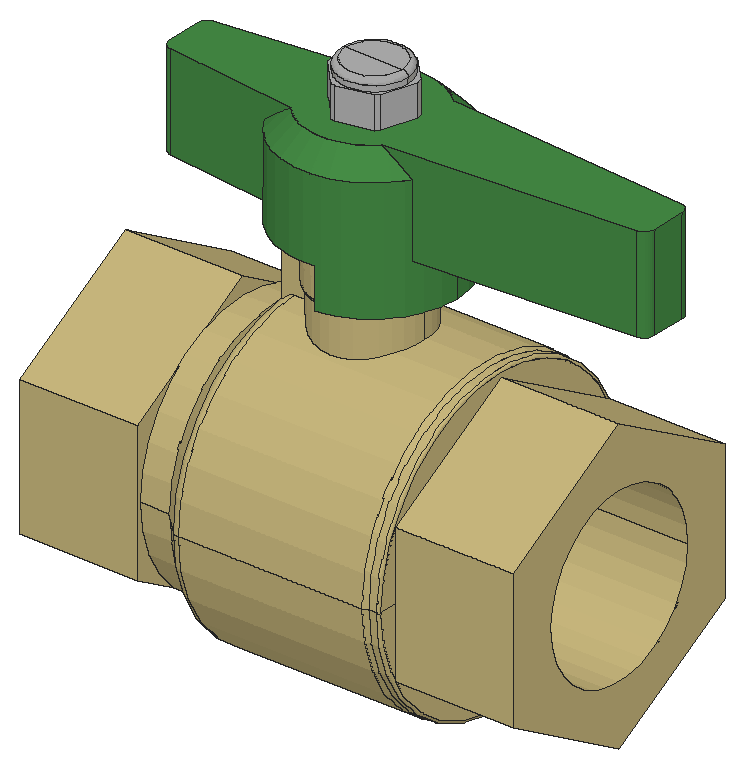
Revit family "QA02510000", category Apparecchi idraulici, Revit 2016
Family settings
  Tipo di parte = Normale
  Quota connettore circolare = Usa diametro
  Numero OmniClass = 23.45.00.00
  Titolo OmniClass = Sanitary, Laundry, and Cleaning Equipment
  Basato su piano di lavoro = No
  Sempre verticale = Sì
  Taglio con vuoti quando caricato = No
  Condiviso = No
  Punto di calcolo locali = No
Parameters
  URL = "https://web.cimberio.it/index.php/figura/1468?subcategoria_id=102"
  Produttore = "CIMBERIO SPA"
  Modello = "Cim 12CRNLOT"
  DN Model [instance] = QA02511032 : QA02511032
  DN [instance] = 32 mm
Reference planes
  plane 1 "Centro (Fronte/Retro)": y = 0
  plane 2: z = 0
  plane 3 "Centro (Sinistra/Destra)": x = 0
Dimensions and locks
  aligned and locked: level to plane 2
Nested families
  nested 1: "QA02511032" at (0, 0, 0), type <- "DN Model", type "QA02511032"
  nested 2: "QA02511032" at (0, 0, 0), type <- "DN Model", type "QA02511032"
  nested 3: "QA02511032" at (0, 0, 0), type <- "DN Model", type "QA02511032"
  nested 4: "QA02511032" at (0, 0, 0), type <- "DN Model", type "QA02511032"
  nested 5: "QA02511032" at (0, 0, 0), type <- "DN Model", type "QA02511032"
  nested 6: "QA02511032" at (0, 0, 0), type <- "DN Model", type "QA02511032"
Connectors
  piping at (45.85, 0, 0), diameter 32, driven by "DN"
    settings: on nested 1, index 1, connector inside diameter 609.6 mm, connector length 0 mm, flow factor 0, pipe flow 0.0 L/s, pressure drop 0.0 Pa, fitting loss kfactor 0, connector angle 0.00°, fixture units 0, engagement length 0 mm, angle of deflection 0.00°, flow configuration 0, flow direction 0, fitting loss method 0, system type 7, joint type 0, gender type 0, connector reference index -1, connector utility 0, adjustable connector no, is connector primary yes, connector description ""
  piping at (-45.85, 0, 0), diameter 32, driven by "DN"
    settings: on nested 1, index 2, connector inside diameter 609.6 mm, connector length 0 mm, flow factor 0, pipe flow 0.0 L/s, pressure drop 0.0 Pa, fitting loss kfactor 0, connector angle 0.00°, fixture units 0, engagement length 0 mm, angle of deflection 0.00°, flow configuration 0, flow direction 0, fitting loss method 0, system type 7, joint type 0, gender type 0, connector reference index -1, connector utility 0, adjustable connector no, is connector primary no, connector description ""
Definition of nested family "QA02511032"
  Reference planes
    plane 1 "Centro (Fronte/Retro)": y = 0
    plane 2: z = 0
    plane 3 "Centro (Sinistra/Destra)": x = 0
    plane 4: x = 120
  Forms (mm)
    Revolve 1, solid
      sketch origin (0, 0, 0) x (0, 1, 0) y (-1, 0, 0)
        loop
          line (12.54, 24) -> (12.54, -23.85) -> (27.75, -23.85)
          arc (27.75, -23.85) -> (28.104, -23.704) -> (28.25, -23.35) r 0.5
          line (28.25, -23.35) -> (28.25, -21.915) -> (28.5, -20.832) -> (28.5, 13.172)
          arc (28.5, 13.172) -> (28.348, 13.937) -> (27.913, 14.587) r 2
          line (27.913, 14.587) -> (23.982, 18.518) -> (23.982, 24) -> (12.54, 24)
        axis (0, 24) -> (0, -23.85)
      angle from 0 to 360
    Extrusion 2, solid
      sketch origin (-16, 0, 0) x (0, 0, 1) y (0, 1, 0)
        loop
          circle (0, 0) r 16
        loop
          line (-27, 0) -> (-12.855, -24.5) -> (12.855, -24.5) -> (27, 0) -> (12.855, 24.5) -> (-12.855, 24.5) -> (-27, 0)
      from 8 to 29.85
    Extrusion 3, solid
      sketch origin (16, 0, 0) x (0, 0, 1) y (0, -1, 0)
        loop
          circle (0, 0) r 16
        loop
          line (-27, 0) -> (-12.855, -24.5) -> (12.855, -24.5) -> (27, 0) -> (12.855, 24.5) -> (-12.855, 24.5) -> (-27, 0)
      from 7.644 to 29.85
    Revolve 4, solid
      sketch origin (0, 0, 0) x (1, 0, 0) y (0, 0, 1)
        loop
          line (0, 44.8) -> (-11.148, 44.8) -> (-11.148, 43.3) -> (-10.648, 42.612) -> (-10.531, 35)
          arc (-10.531, 35) -> (-10.252, 34.596) -> (-9.773, 34.488) r 0.674
          line (-9.773, 34.488) -> (-9.773, 25.891) -> (0, 25.891) -> (0, 44.8)
        axis (0, 44.8) -> (0, 25.891)
      angle from 0 to 360
    Extrusion 5, solid
      sketch origin (0, 0, 0) x (1, 0, 0) y (0, 0, 1)
        loop
          line (-15.648, 42.3) -> (-15.648, 25.431) -> (-9.091, 25.431) -> (-9.091, 42.3) -> (-15.648, 42.3)
      from 0 to 1.523
    Revolve 6, solid
      sketch origin (0, 0, -0.938) x (1, 0, 0) y (0, 0, 1)
        loop
          line (0, 64.8) -> (-11.898, 64.8) -> (-15.898, 60.8) -> (-15.898, 38.206) -> (0, 38.206) -> (0, 64.8)
        axis (0, 64.8) -> (0, 38.206)
      angle from 0 to 360
    Extrusion 7, void
      sketch origin (0, 0, 58.3) x (0, 1, 0) y (-1, 0, 0)
        loop
          line (0, 7.878) -> (0, 15.898)
          arc (0, 15.898) -> (-11.912, 10.529) -> (-15.778, -1.952) r 15.898
          line (-15.778, -1.952) -> (-10.853, -1.952)
          arc (-10.853, -1.952) -> (-7.117, 4.83) -> (0, 7.878) r 11.898
      from -22.127 to -13.5
    Extrusion 8, solid
      sketch origin (0.313, 0, 58.3) x (0, 1, 0) y (-1, 0, 0)
        loop
          arc (5.605, 4.526) -> (5.297, 4.88) -> (4.966, 5.213) r 7.25
          line (4.966, 5.213) -> (-1.172, 7.103)
          arc (-1.172, 7.103) -> (-1.633, 7.013) -> (-2.086, 6.893) r 7.25
          line (-2.086, 6.893) -> (-6.792, 2.522)
          arc (-6.792, 2.522) -> (-6.944, 2.078) -> (-7.067, 1.626) r 7.25
          line (-7.067, 1.626) -> (-5.634, -4.635)
          arc (-5.634, -4.635) -> (-5.326, -4.989) -> (-4.996, -5.322) r 7.25
          line (-4.996, -5.322) -> (1.142, -7.211)
          arc (1.142, -7.211) -> (1.603, -7.122) -> (2.057, -7.002) r 7.25
          line (2.057, -7.002) -> (6.762, -2.631)
          arc (6.762, -2.631) -> (6.914, -2.187) -> (7.038, -1.734) r 7.25
          line (7.038, -1.734) -> (5.605, 4.526)
      from 5.563 to 11.472
    Revolve 9, solid
      sketch origin (0, 0, 0.391) x (1, 0, 0) y (0, 0, 1)
        loop
          line (0.352, 71.399) -> (0.352, 69.381) -> (6.602, 69.381) -> (6.602, 70.399)
          arc (6.602, 70.399) -> (6.309, 71.106) -> (5.602, 71.399) r 1
          line (5.602, 71.399) -> (0.352, 71.399)
        axis (0.352, 71.399) -> (0.352, 69.381)
      angle from 0 to 360
    Extrusion 10, solid
      sketch origin (0, 0, 58.3) x (0, 1, 0) y (-1, 0, 0)
        loop
          arc (5.203, 33.227) -> (4.547, 34.492) -> (3.216, 35) r 2
          line (3.216, 35) -> (-3.216, 35)
          arc (-3.216, 35) -> (-4.547, 34.492) -> (-5.203, 33.227) r 2
          line (-5.203, 33.227) -> (-9, 0) -> (-5.135, -53.145)
          arc (-5.135, -53.145) -> (-4.502, -54.465) -> (-3.14, -55) r 2
          line (-3.14, -55) -> (3.14, -55)
          arc (3.14, -55) -> (4.502, -54.465) -> (5.135, -53.145) r 2
          line (5.135, -53.145) -> (9, 0) -> (5.203, 33.227)
      from -12.009 to 5.563
  Cuts and joins
    Extrusion 7 cuts Revolve 6
    joined: Revolve 6, Extrusion 10
  Dimensions and locks
    aligned and locked: level to plane 2
